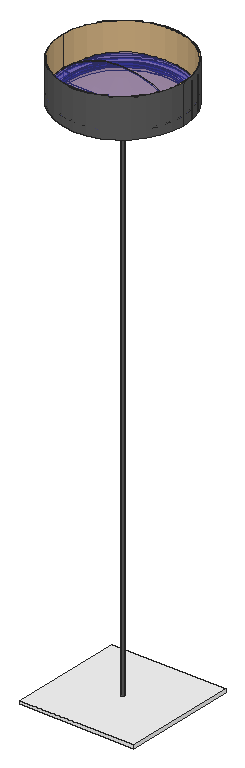
Revit family "BE_51002.4_de_DE", category Leuchten, Revit 2020
Family settings
  Basisbauteil = Fläche
  Bemaßung runder Anschluss = Durchmesser verwenden
  Teiletyp = Normal
  Beim Laden mit Abzugskörper schneiden = Ja
  Lichtquelle = Ja
  Gemeinsam genutzt = Nein
  Raumberechnungspunkt = Ja
Parameters (values of type "BEGA_51002.4_K3")
  built-in parameter 1150104 = 11.762 (stored number, unit not read)
  Wattage = 43.5 W
  Default Elevation = 0 mm
  built-in parameter 1150113 = 1 (stored number, unit not read)
  built-in parameter 1114218 = 1 (stored number, unit not read)
  Umgebungstemperatur = "25 °C"
  URL = "https://www.bega.com/de/produkt/51002.4"
  Typenkommentare = "© 2022 BEGA. Wir behalten uns das Recht vor, technische Änderungen ohne vorherige Ankündigung vorzunehmen."  # constant formula
  built-in parameter 1150134 = (empty or 0)
  built-in parameter 1150109 = 1 (stored number, unit not read)
  Strom = ""
  built-in parameter 1150110 = 1 (stored number, unit not read)
  Spannung = 239.996 V
  Sonderanfertigung = no
  Seriennummer [instance] = "Hier können Sie die eindeutige Seriennummer für das Facility Management eintragen."
  Schutzklasse = "I"
  Schutzart = "IP 20"
  Scheinlast = 0 VA
  Produktdatenblatt = "https://cdn.bega.com/bega/products/51002.4K3/current/documents/data-sheets/de"
  Oberflächentemperatur = ""
  Neigungswinkel = 0.00°
  Modell = "51002.4K3"
  Material_35 = BEGA_Oberfläche_Samtschwarz_matt
  Material_31 = BEGA_Oberfläche_Messing_matt
  Material_17 = BEGA_Reflektor
  Material_15 = BEGA_Leuchtmedium_matt
  Material_14 = BEGA_Kunststoff_opal
  Material_11 = BEGA_Glas_opal
  Material_09 = BEGA_Glas_klar
  Material_06 = BEGA_Oberfläche_Edelstahl_gebürstet
  Material_03 = BEGA_Oberfläche_Weiss_matt
  Material_02 = BEGA_Oberfläche_Silber_matt
  Material_01 [instance] = BEGA_Oberfläche_Grafit_matt
  M_W = no
  M_G = no
  M_A = no
  Logo = 0
  built-in parameter 1114217 = 1 (stored number, unit not read)
  built-in parameter 1150139 = (empty or 0)
  built-in parameter 1150105 = 438.24 (stored number, unit not read)
  built-in parameter 1150114 = 1 (stored number, unit not read)
  Lumens = 5507.1 lm
  built-in parameter 1150115 = 1 (stored number, unit not read)
  Leuchtenlichtstrom = "3490 lm"
  Leuchtenanzahl = ""
  Lebensdauerkriterien = "L70B50 @ 25 °C = 200000 h"
  Lastklassifizierung = Beleuchtung
  built-in parameter 1150112 = 1 (stored number, unit not read)
  Lampenlichtstrom = "6435 lm"
  Lampe = "LED 42.6 W"
  LED_Modulbezeichnung = "LED-0630/930"
  Hersteller = "BEGA"  # constant formula
  Halbstreuwinkel = ""
  Gewicht = "5.2 kg"
  Gebrauchslageneinschränkung [instance] = ""
  Frequenz = "0/50-60 Hz"
  Farbwiedergabeindex = "CRI > 90"
  Farbtemperaturverschiebung bei Dämpfen der Lampe = <Keine Auswahl>
  Farbtemperatur = "3000 K"
  Color Filter = 16777215
  built-in parameter 1150133 = 10 (stored number, unit not read)
  Energieeffizienzklasse = "LED A++ - A"
  built-in parameter 1150137 = (empty or 0)
  built-in parameter 1150132 = (empty or 0)
  ENEC = "ja"
  Dimmbar [instance] = "BLE / Zigbee --> DALI"
  Datei für fotometrisches Netz = "BE_51002.4K3.IES"
  CE_Konformität = "ja"
  Bestellnummer = "51002.4K3"
  Beschreibung_Sonderanfertigung = "Hier können Sie Informationen zur Sonderanfertigung eintragen."
  Beschreibung = "Systempendelleuchte"
  built-in parameter 1150106 = 4.3824 (stored number, unit not read)
  Befestigungsbohrung = ""
  Befestigungsabstand = ""
  Ballwurfsicher = ""
  BEGA_Intern_aus = yes
  BEGA_Intern_an = yes
  BEGA_Intern_Konstruktion = yes
  BEGA_Intern = yes
  BEGA_IES = yes
  BEGA_Dummy = no
  Anschlussleitung = ""
  Anschlussleistung [instance] = "47.4 W"
  Anschlusskasten = ""
  built-in parameter 1150107 = 3000 (stored number, unit not read)
  built-in parameter 1150102 = (empty or 0)
  built-in parameter 1150138 = (empty or 0)
  Aktualisierung = "2022-05-19T04:00:07"
  Abstand_zur_angestrahlten_Fläche [instance] = ""
  AC/DC = "AC/DC"
Reference planes
  plane 1 "Mitte (Vorne/Hinten)": y = 0
  plane 2: z = 0
  plane 3 "Mitte (Links/Rechts)": x = 0
  plane 4 "Links": x = -213.964
  plane 5 "Rechts": x = 213.964
  plane 6 "Unten": y = -213.964
  plane 7 "Oben": y = 213.976
  plane 8 "Vorne": z = 2000.001
  plane 9 "Hinten": z = 0
Forms (mm)
  Extrusion 1, solid, material "BEGA_Platte_Weiss"
    sketch origin (0, -1119.2, 0) x (1, 0, 0) y (0, 1, 0)
      loop
        line (-200, 1319.2) -> (-200, 919.2) -> (200, 919.2) -> (200, 1319.2) -> (-200, 1319.2)
    from 0 to -10
  Extrusion 2, solid, material "BEGA_Dummy_matt", visible <- "BEGA_Dummy"
    sketch origin (77.149, -76.023, 0) x (1, 0, 0) y (0, 1, 0)
      loop
        circle (-77.149, 76.023) r 213.964
    from 0 to 2000.001
Dimensions and locks
  plane 1 "Mitte (Vorne/Hinten)" to Extrusion 1 = 200 mm
  aligned and locked: plane 2 to Extrusion 1
  aligned and locked: level to Extrusion 1
Nested families
  nested 1: "BE_51002.4" at (0, 0, 0), type "BE_51002.4"
Connectors
  electrical at (0, 0, 0), driven by "Lastklassifizierung", driven by "Spannung", driven by "Scheinlast"
    settings: index 1, voltage 239.996 V, apparent load 0 VA, apparent load phase1 0 VA, apparent load phase2 0 VA, apparent load phase3 0 VA, power factor 1, load classification "Beleuchtung", number of poles 1, system type 31, power factor state 1, is connector primary yes, connector utility no, sub classification motor no, connector description ""
Definition of nested family "BE_51002.4"
  Parameters (values of type "BE_51002.4")
    Default Elevation = 1 mm
    URL = "http://www.bega.de/de/produkt"
    Type Comments = "© 2015 BEGA. Wir behalten uns das Recht vor, technische Änderungen ohne vorherige Ankündigung vorzunehmen. "  # constant formula
    Type Image = (empty or 0)
    Neigungswinkel_um_Z2 = 0.00°
    Neigungswinkel_um_Z1 = 0.00°
    Neigungswinkel_um_Y2 = 0.00°
    Neigungswinkel_um_Y1 = 0.00°
    Neigungswinkel_um_X2 = 0.00°
    Neigungswinkel_um_X1 = 0.00°
    Material_35 = none
    Material_31 = none
    Material_17 = none
    Material_15 = none
    Material_14 = none
    Material_11 = none
    Material_09 = none
    Material_06 = none
    Material_02 = none
    Material_01 = none
    M_W = yes
    M_G = yes
    M_A = yes
    Länge_Platte = 200 mm  # constant formula
    Höhe_Platte = -10 mm  # constant formula
    Manufacturer = "BEGA"  # constant formula
    Drehwinkel_um_Z2 = 0.00°
    Drehwinkel_um_Z1 = 0.00°
    Breite_Platte = 200 mm  # constant formula
  Reference planes
    plane 1 "Mitte (Oben/Unten)": y = 0
    plane 2: z = 0
    plane 3 "Mitte (Links/Rechts)": x = 0
    plane 4: z = 1999.998
    plane 5: y = 213.976
    plane 6: y = -213.964
    plane 7: x = 213.964
    plane 8: x = -213.964
  Forms (mm)
    Extrusion 1, solid, detail levels medium
      sketch origin (0, 0, 0) x (1, 0, 0) y (0, 1, 0)
        loop
          line (-100, 100) -> (-100, -100) -> (100, -100) -> (100, 100) -> (-100, 100)
      from 0 to -10 <- "Höhe_Platte"
    Revolve 2, solid, material <- "Material_31"
      sketch origin (0, 0, 0) x (1, 0, 0) y (0, 0, 1)
        loop
          line (-213.035, 1999.998) -> (-213.035, 1865.592) -> (-192.238, 1865.592) -> (-192.238, 1856.06) -> (-4.25, 1856.06) -> (-4.25, 1857.5) -> (-191.106, 1857.5) -> (-191.106, 1866.5) -> (-212.064, 1866.5) -> (-212.064, 2000.001) -> (-213.035, 1999.998)
        axis (0, 1856.06) -> (0, 2000.001)
      angle from 0 to 360
    Revolve 3, solid, material <- "Material_35"
      sketch origin (0, 0, 0) x (1, 0, 0) y (0, 0, 1)
        loop
          line (-193.049, 1864.5) -> (-193.049, 1855) -> (-4.25, 1855) -> (-4.25, 1856.06) -> (-192.238, 1856.06) -> (-192.238, 1865.592) -> (-213.035, 1865.592) -> (-213.035, 1999.998) -> (-213.964, 1999.998) -> (-213.964, 1864.5) -> (-193.049, 1864.5)
        axis (0, 1855) -> (0, 1999.998)
      angle from 0 to 360
    Revolve 4, solid, material <- "Material_14"
      sketch origin (0, 0, 0) x (1, 0, 0) y (0, 0, 1)
        loop
          line (0, 1970.176) -> (0, 1974.176)
          arc (0, 1974.176) -> (-110.749, 1954.401) -> (-207.809, 1897.518) r 319.999
          arc (-207.809, 1897.518) -> (-209.887, 1889.933) -> (-203.603, 1885.203) r 7
          line (-203.603, 1885.203) -> (-184, 1884.176) -> (-184, 1878.574) -> (-189.25, 1875.543) -> (-189.25, 1865.676) -> (-185.25, 1865.676) -> (-185.25, 1873.231) -> (-180.1, 1876.204) -> (-180.1, 1885.13)
          arc (-180.1, 1885.13) -> (-180.924, 1887.195) -> (-182.943, 1888.126) r 3
          line (-182.943, 1888.126) -> (-203.435, 1889.2)
          arc (-203.435, 1889.2) -> (-206.099, 1891.216) -> (-205.247, 1894.446) r 3
          arc (-205.247, 1894.446) -> (-109.386, 1950.639) -> (0, 1970.176) r 315.999
        axis (0, 1865.676) -> (0, 1974.176)
      angle from 0 to 360
    Revolve 5, solid, material <- "Material_35"
      sketch origin (0, 0, 0) x (1, 0, 0) y (0, 0, 1)
        loop
          line (-6.5, 1855) -> (-6.5, 0) -> (-4.5, 0) -> (-4.5, 1855) -> (-6.5, 1855)
        axis (0, 1855) -> (0, 0)
      angle from 0 to 360
  Dimensions and locks
    equal spacing: Extrusion 1 sketch curve, plane 3 "Mitte (Links/Rechts)", Extrusion 1 sketch curve
    equal spacing: Extrusion 1 sketch curve, plane 1 "Mitte (Oben/Unten)", Extrusion 1 sketch curve
    "Länge_Platte": Extrusion 1 sketch curve to Extrusion 1 sketch curve
    "Breite_Platte": Extrusion 1 sketch curve to Extrusion 1 sketch curve
    aligned and locked: plane 2 to Extrusion 1
    aligned and locked: level to Extrusion 1
  Automatic sketch dimensions
    Revolve 2 sketch curve to plane 3 "Mitte (Links/Rechts)" = 0 mm
    Revolve 2 sketch curve to plane 3 "Mitte (Links/Rechts)" = 4.25 mm
    Revolve 2 sketch curve to Revolve 2 sketch curve = 1.132 mm
    Revolve 2 sketch curve to Revolve 2 sketch curve = 0.971 mm
    Revolve 2 sketch curve to Revolve 2 sketch curve = 1.44 mm
    Revolve 2 sketch curve to Revolve 2 sketch curve = 9.532 mm
    Revolve 2 sketch curve to Revolve 2 sketch curve = 0.908 mm
    Revolve 2 sketch curve to Revolve 2 sketch curve = 133.498 mm
    Revolve 2 sketch curve to Revolve 2 sketch curve = 0.003 mm
    Revolve 2 sketch curve to Revolve 2 sketch curve = 22.66 mm
    Revolve 2 sketch curve to Revolve 2 sketch curve = 144.501 mm
    Revolve 3 sketch curve to Revolve 3 sketch curve = 0.929 mm
    Revolve 3 sketch curve to Revolve 3 sketch curve = 0.811 mm
    Revolve 3 sketch curve to Revolve 3 sketch curve = 1.06 mm
    Revolve 3 sketch curve to Revolve 3 sketch curve = 9.5 mm
    Revolve 3 sketch curve to Revolve 3 sketch curve = 1.092 mm
    Revolve 3 sketch curve to Revolve 3 sketch curve = 134.406 mm
    Revolve 3 sketch curve to plane 3 "Mitte (Links/Rechts)" = 4.25 mm
    Revolve 4 sketch curve to plane 3 "Mitte (Links/Rechts)" = 0 mm  (x2)
    Revolve 4 sketch curve to plane 3 "Mitte (Links/Rechts)" = 0.001 mm
    plane 3 "Mitte (Links/Rechts)" to Revolve 4 sketch curve = 0 mm
    Revolve 4 sketch curve to Revolve 4 sketch curve = 0.001 mm
    Revolve 4 sketch curve to Revolve 4 sketch curve = 2.562 mm
    Revolve 4 sketch curve to Revolve 4 sketch curve = 75.73 mm
    Revolve 4 sketch curve to Revolve 4 sketch curve = 3.072 mm
    Revolve 4 sketch curve to Revolve 4 sketch curve = 0 mm  (x9)
    Revolve 4 sketch curve to Revolve 4 sketch curve = 1.984 mm
    Revolve 4 sketch curve to Revolve 4 sketch curve = 2.251 mm
    Revolve 4 sketch curve to Revolve 4 sketch curve = 0.172 mm
    Revolve 4 sketch curve to Revolve 4 sketch curve = 3.997 mm
    Revolve 4 sketch curve to Revolve 4 sketch curve = 1.074 mm
    Revolve 4 sketch curve to Revolve 4 sketch curve = 1.057 mm
    Revolve 4 sketch curve to Revolve 4 sketch curve = 3.95 mm
    Revolve 4 sketch curve to Revolve 4 sketch curve = 4 mm
    Revolve 4 sketch curve to Revolve 4 sketch curve = 0.9 mm
    Revolve 4 sketch curve to Revolve 4 sketch curve = 18.5 mm
    Revolve 4 sketch curve to Revolve 4 sketch curve = 0.954 mm
    Revolve 4 sketch curve to Revolve 4 sketch curve = 5.15 mm
    Revolve 4 sketch curve to Revolve 4 sketch curve = 3 mm
    Revolve 4 sketch curve to Revolve 4 sketch curve = 7.555 mm
    Revolve 4 sketch curve to Revolve 4 sketch curve = 2.312 mm
    Revolve 4 sketch curve to Revolve 4 sketch curve = 2.973 mm
    Revolve 4 sketch curve to Revolve 4 sketch curve = 2.37 mm
    Revolve 5 sketch curve to level = 0 mm
    Revolve 5 sketch curve to plane 3 "Mitte (Links/Rechts)" = 6.5 mm
    Revolve 5 sketch curve to plane 3 "Mitte (Links/Rechts)" = 4.5 mm
    Revolve 5 sketch curve to Revolve 5 sketch curve = 1855 mm
    level to Revolve 2 sketch curve = 1856.06 mm
    Revolve 3 sketch curve to plane 3 "Mitte (Links/Rechts)" = 0 mm
    level to Revolve 3 sketch curve = 1855 mm
    Revolve 3 sketch curve to Revolve 3 sketch curve = 21.6 mm
    Revolve 3 sketch curve to Revolve 3 sketch curve = 145.941 mm
    level to Revolve 4 sketch curve = 1654.177 mm
    Revolve 4 sketch curve to Revolve 4 sketch curve = 136.776 mm
    Revolve 4 sketch curve to Revolve 4 sketch curve = 27.825 mm
    Revolve 2 sketch curve to Revolve 2 sketch curve = 186.856 mm
    Revolve 2 sketch curve to Revolve 2 sketch curve = 19.826 mm
    Revolve 3 sketch curve to Revolve 3 sketch curve = 187.988 mm
    Revolve 3 sketch curve to Revolve 3 sketch curve = 19.986 mm
    Revolve 4 sketch curve to plane 3 "Mitte (Links/Rechts)" = 180.1 mm
    Revolve 4 sketch curve to Revolve 4 sketch curve = 20.32 mm
    Revolve 4 sketch curve to Revolve 4 sketch curve = 0.168 mm
